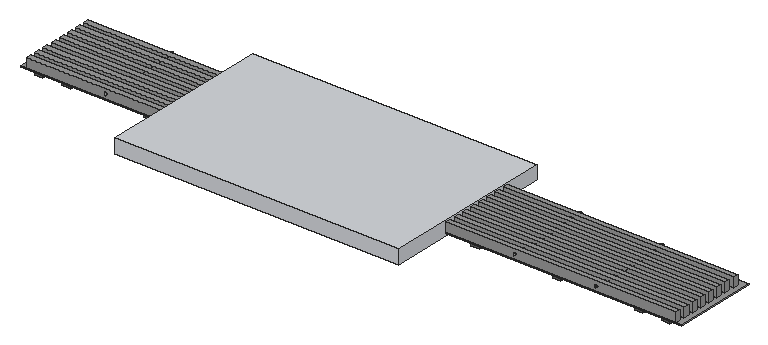
Revit family "1412-8, Solid", category Generic Models, host Face, Revit 2020
Family settings
  Host = Face
  Can host rebar = No
  Round Connector Dimension = Use Diameter
  Part Type = Normal
  Cut with Voids When Loaded = No
  Shared = No
  Room Calculation Point = No
Parameters
  min_value [instance] = 2' - 4"  # constant formula
  max_value [instance] = 11' - 11 1/4"  # constant formula
  actual_value [instance] = if(NET LENGTH < min_value, min_value, if(NET LENGTH > max_value, max_value, NET LENGTH))  # 7' - 11 1/4"
  SCRIM MATERIAL [instance] = SCRIM
  SCRIM APPEARANCE [instance] = yes
  NET LENGTH [instance] = 7' - 11 1/4"
  IMPORTANT NOTE!!!                                                                             *Backer & dowel layout is for visualization purposes only, final layout to be determined by 9Wood. [instance] = ""
  Default Elevation = 4' - 0"
  DOWEL RADIUS [instance] = 0' - 0 1/4"  # constant formula
  BACKER & DOWEL MATERIAL [instance] = BLACK-BACKERS
  .. MEMBER WIDTH [instance] = 0' - 0 3/4"  # constant formula
  .. MEMBER MATERIAL [instance] = Solid Western Hemlock
  .. MEMBER DEPTH [instance] = 0' - 1 3/8"  # constant formula
  .. MEMBER COUNT [instance] = 8  # constant formula
Reference planes (in)
  plane 1 "Center (Front/Back)": y = 0
  plane 2: z = 0
  plane 3 "Center (Left/Right)": x = 0
Forms (in)
  Extrusion 1, solid
    sketch origin (0, 0, 0) x (1, 0, 0) y (0, 1, 0)
      loop
        line (-24.24823, 14.63962) -> (-24.24823, -10.69266) -> (17.36192, -10.69266) -> (17.36192, 14.63962) -> (-24.24823, 14.63962)
    from 0 to 2.0625
Dimensions and locks (in)
  aligned and locked: plane 2 to Extrusion 1
Nested families (in)
  nested 1: "1400 series" at (-44.01308, -2.1224, 0.00189), NET LENGTH <- "actual_value", .. MEMBER DEPTH <- ".. MEMBER DEPTH", .. MEMBER WIDTH <- ".. MEMBER WIDTH", DOWEL RADIUS <- "DOWEL RADIUS", BACKER & DOWEL MATERIAL <- "BACKER & DOWEL MATERIAL", .. MEMBER MATERIAL <- ".. MEMBER MATERIAL", SCRIM MATERIAL <- "SCRIM MATERIAL", MEMBER COUNT <- ".. MEMBER COUNT", SCRIM APPEARANCE <- "SCRIM APPEARANCE", type "1400 series"
    with X 7' - 8", SCRIM MATERIAL SCRIM, SCRIM LENGTH 8' - 1", SCRIM APPEARANCE yes, SCRIM 2 0' - 0 7/8", SCRIM 1 0' - 0 3/32", OC TYP 1' - 0", NET LENGTH 7' - 11 1/4", N 8, MEMBER COUNT 8, INSET 2 0' - 0 3/16", INSET 0' - 1", HALF MEMBER WIDTH 0' - 0 3/8", END BACKER yes, DOWEL RADIUS 0' - 0 1/4", DOWEL INDEX 0' - 11 5/8", DOWEL COUNT 7, BACKING M COUNT 8, BACKER WIDTH 0' - 1 1/4", BACKER INDEX 0' - 5 5/8", BACKER DEPTH 0' - 0 1/2", BACKER & DOWEL MATERIAL BLACK-BACKERS, BACKER &  DOWEL LENGTH 0' - 11 7/8", .. MEMBER WIDTH 0' - 0 3/4", .. MEMBER OC TYP 0' - 1 1/2", .. MEMBER MATERIAL Solid Western Hemlock, .. MEMBER DEPTH 0' - 1 3/8"
Definition of nested family "1400 series"
  Parameters (values of type "1400 series")
    X [instance] = NET LENGTH - 0' 3 1/4"  # 7' - 2"
    SCRIM MATERIAL [instance] = none
    SCRIM APPEARANCE [instance] = yes
    SCRIM 2 [instance] = 0' - 0 7/8"  # constant formula
    SCRIM 1 [instance] = 0' - 0 3/32"  # constant formula
    OC TYP [instance] = 1' - 0"  # constant formula
    N [instance] = if((X - (rounddown(X / 1' 0") * 1' 0")) > 1' 0", rounddown(X / 1' 0") + 2, rounddown(X / 1' 0") + 1)  # 8
    MEMBER COUNT [instance] = 2
    INSET 5 = 0' - 0 11/16"  # constant formula
    INSET 2 [instance] = 0' - 0 3/16"  # constant formula
    INSET [instance] = 0' - 1"  # constant formula
    END BACKER [instance] = BACKER INDEX > 0' 3 5/8"  # no
    HALF MEMBER WIDTH [instance] = .. MEMBER WIDTH / 2  # 0' - 1 1/8"
    Default Elevation = 0' - 0"
    DOWEL RADIUS [instance] = 0' - 0 1/4"
    DOWEL INDEX [instance] = BACKER INDEX + 0' 6"  # 0' - 8 5/8"
    DOWEL COUNT [instance] = N - 1  # 7
    BACKER WIDTH [instance] = 0' - 1 1/4"  # constant formula
    BACKER INDEX [instance] = (NET LENGTH - ((N - 1) * 1' 0")) / 2  # 0' - 2 5/8"
    BACKER DEPTH [instance] = 0' - 0 1/2"  # constant formula
    BACKING M COUNT [instance] = N  # 8
    BACKER & DOWEL MATERIAL [instance] = none
    BACKER &  DOWEL LENGTH [instance] = 0' - 11 7/8"  # constant formula
    SCRIM LENGTH [instance] = NET LENGTH + (SCRIM 2 * 2)  # 7' - 7"
    .. MEMBER WIDTH [instance] = 0' - 2 1/4"
    .. MEMBER OC TYP [instance] = 1' 0" / MEMBER COUNT  # 0' - 6"
    .. MEMBER MATERIAL [instance] = none
    NET LENGTH [instance] = 7' - 5 1/4"
    .. MEMBER DEPTH [instance] = 0' - 4"
  Reference planes (in)
    plane 1 "Center (Front/Back)": y = 0
    plane 2: z = 0
    plane 3 "Center (Left/Right)": x = 0
    plane 4: x = 89.25
    plane 5: x = 1
    plane 6: x = 88.25
    plane 7: x = 2.625
    plane 8: x = 8.625
    plane 9: x = 14.625
    plane 10: x = 20.625
    plane 11: y = 0.1875
    plane 12: y = 1.125
    plane 13: y = 7.125
    plane 14: y = 12.0625
    plane 15: x = 90.125
    plane 16: x = -0.875
    plane 17: y = 12.15625
    plane 18: y = -0.09375
    plane 19: z = 2.7097
    plane 20: z = 0.49811
    plane 21: z = 0.56061
    plane 22: z = 1.24811
  Lines and regions (in)
    model lines, not visible
      curve 1: line (8.625, 0, 0.99811) -> (8.625, 0, 1.49811)
      curve 2: line (8.625, 0, 1.49811) -> (8.375, 0, 1.24811)
      curve 3: line (8.375, 0, 1.24811) -> (8.875, 0, 1.24811)
      curve 4: line (20.625, 0, 0.99811) -> (20.625, 0, 1.49811)
      curve 5: line (20.625, 0, 1.49811) -> (20.375, 0, 1.24811)
      curve 6: line (20.375, 0, 1.24811) -> (20.875, 0, 1.24811)
      curve 7: line (32.625, 0, 0.99811) -> (32.625, 0, 1.49811)
      curve 8: line (32.625, 0, 1.49811) -> (32.375, 0, 1.24811)
      curve 9: line (32.375, 0, 1.24811) -> (32.875, 0, 1.24811)
      curve 10: line (44.625, 0, 0.99811) -> (44.625, 0, 1.49811)
      curve 11: line (44.625, 0, 1.49811) -> (44.375, 0, 1.24811)
      curve 12: line (44.375, 0, 1.24811) -> (44.875, 0, 1.24811)
      curve 13: line (56.625, 0, 0.99811) -> (56.625, 0, 1.49811)
      curve 14: line (56.625, 0, 1.49811) -> (56.375, 0, 1.24811)
      curve 15: line (56.375, 0, 1.24811) -> (56.875, 0, 1.24811)
      curve 16: line (68.625, 0, 0.99811) -> (68.625, 0, 1.49811)
      curve 17: line (68.625, 0, 1.49811) -> (68.375, 0, 1.24811)
      curve 18: line (68.375, 0, 1.24811) -> (68.875, 0, 1.24811)
      curve 19: line (80.625, 0, 0.99811) -> (80.625, 0, 1.49811)
      curve 20: line (80.625, 0, 1.49811) -> (80.375, 0, 1.24811)
      curve 21: line (80.375, 0, 1.24811) -> (80.875, 0, 1.24811)
  Dimensions and locks (in)
    "INSET": plane 3 "Center (Left/Right)" to plane 5
    "NET LENGTH": plane 3 "Center (Left/Right)" to plane 4
    "INSET": plane 6 to plane 4
    "BACKER INDEX": plane 3 "Center (Left/Right)" to plane 7
    "DOWEL INDEX": plane 3 "Center (Left/Right)" to plane 8
    "OC TYP": plane 7 to plane 9
    "OC TYP": plane 8 to plane 10
    "INSET 2": plane 1 "Center (Front/Back)" to plane 11
    equal spacing: group 1, group 2, group 5, group 6, group 7, group 13, group 14, group 16  (x3)
    equal spacing: group 3, group 4, group 8, group 9, group 10, group 15, group 17  (x3)
    group 11 to group 12 = 0' - 0"  (x2)
    group 11 to group 12 = 0' - 6"
    ".. MEMBER OC TYP": plane 13 to plane 12
    "HALF MEMBER WIDTH": plane 1 "Center (Front/Back)" to plane 12
    "SCRIM 2": plane 16 to plane 3 "Center (Left/Right)"
    "SCRIM 2": plane 4 to plane 15
    "SCRIM 1": plane 18 to plane 1 "Center (Front/Back)"
    "SCRIM 1": plane 17 to plane 14
    "INSET 5": plane 22 to plane 21
    aligned and locked: level to plane 2
    aligned and locked: plane 7 to nested 2
    aligned and locked: plane 5 to nested 1
    aligned and locked: plane 9 to nested 3
    aligned and locked: nested 1 to plane 5
    aligned and locked: nested 2 to plane 11
    aligned and locked: nested 1 to plane 11
    aligned and locked: nested 3 to plane 11
    aligned and locked: nested 4 to plane 11  (x2)
    aligned and locked: plane 10 to nested 5
    aligned and locked: plane 6 to nested 12
    aligned and locked: nested 5 to plane 11
    aligned and locked: plane 11 to nested 12
    aligned and locked: plane 12 to nested 13
    aligned and locked: nested 14 to plane 13
    aligned and locked: plane 14 to nested 8
    aligned and locked: plane 16 to nested 15
    aligned and locked: nested 15 to plane 18
    aligned and locked: nested 15 to plane 17
    aligned and locked: nested 15 to plane 16  (x2)
    aligned and locked: nested 1 to level
    aligned and locked: level to nested 3
    aligned and locked: plane 20 to nested 2
    aligned and locked: plane 20 to nested 1
    aligned and locked: plane 20 to nested 3
    aligned and locked: nested 12 to plane 20
    aligned and locked: nested 15 to plane 20
    aligned and locked: plane 21 to nested 15
    aligned and locked: nested 13 to plane 21
    aligned and locked: plane 22 to nested 4
    aligned and locked: plane 22 to nested 5
    aligned and locked: nested 13 to plane 8
    aligned and locked: plane 10 to nested 13
    aligned and locked: curve 1 to nested 13
    aligned and locked: nested 13 to curve 4
  Automatic sketch dimensions
    curve 3 to curve 1 = 0' - 0 1/4"  (x2)
    curve 1 to curve 3 = 0' - 0 1/4"
    curve 1 to curve 2 = 0' - 0 1/4"
    curve 6 to curve 4 = 0' - 0 1/4"  (x2)
    curve 4 to curve 6 = 0' - 0 1/4"
    curve 4 to curve 5 = 0' - 0 1/4"
    curve 9 to curve 7 = 0' - 0 1/4"  (x2)
    curve 7 to curve 9 = 0' - 0 1/4"
    curve 7 to curve 8 = 0' - 0 1/4"
    curve 12 to curve 10 = 0' - 0 1/4"  (x2)
    curve 10 to curve 12 = 0' - 0 1/4"
    curve 10 to curve 11 = 0' - 0 1/4"
    curve 15 to curve 13 = 0' - 0 1/4"  (x2)
    curve 13 to curve 15 = 0' - 0 1/4"
    curve 13 to curve 14 = 0' - 0 1/4"
    curve 18 to curve 16 = 0' - 0 1/4"  (x2)
    curve 16 to curve 18 = 0' - 0 1/4"
    curve 16 to curve 17 = 0' - 0 1/4"
    curve 21 to curve 19 = 0' - 0 1/4"  (x2)
    curve 19 to curve 21 = 0' - 0 1/4"
    curve 19 to curve 20 = 0' - 0 1/4"
  Nested families (in)
    nested 1: "INSTANCE - 3RD -  EXTEND BOTH SIDES - Parametric Cube.0001" at (1, 0.1875, 0.49811), Length <- "BACKER &  DOWEL LENGTH", Width <- "BACKER WIDTH", Height <- "BACKER DEPTH", Material <- "BACKER & DOWEL MATERIAL", visible <- "END BACKER", type "INSTANCE - 3RD -  EXTEND BOTH SIDES - Parametric Cube.0001"
      with Width 0' - 1 1/4", Material none, Length 0' - 11 7/8", Height 0' - 0 1/2"
    nested 2: "INSTANCE - 2ND -  EXTEND SIDE H CENTER W - Parametric Cube.0001" at (2.625, 0.1875, 0.49811), Width <- "BACKER WIDTH", Length <- "BACKER &  DOWEL LENGTH", Height <- "BACKER DEPTH", Material <- "BACKER & DOWEL MATERIAL", type "INSTANCE - 2ND -  EXTEND SIDE H CENTER W - Parametric Cube.0001"
      with Width 0' - 1 1/4", Material none, Length 0' - 11 7/8", Height 0' - 0 1/2"
    nested 3: "INSTANCE - 2ND -  EXTEND SIDE H CENTER W - Parametric Cube.0001" at (14.625, 0.1875, 0.49811), Width <- "BACKER WIDTH", Length <- "BACKER &  DOWEL LENGTH", Height <- "BACKER DEPTH", Material <- "BACKER & DOWEL MATERIAL", type "INSTANCE - 2ND -  EXTEND SIDE H CENTER W - Parametric Cube.0001"
      with Width 0' - 1 1/4", Material none, Length 0' - 11 7/8", Height 0' - 0 1/2"
    nested 4: "DOWEL" at (-1.375, 0.1875, 1.24811), DOWEL LENGTH <- "BACKER &  DOWEL LENGTH", DOWEL RADII <- "DOWEL RADIUS", BACKING MEM MATERIAL <- "BACKER & DOWEL MATERIAL", type "DOWEL"
      with DOWEL RADII 0' - 0 1/4", DOWEL LENGTH 0' - 11 7/8", BACKING MEM MATERIAL none
    nested 5: "DOWEL" at (10.625, 0.1875, 1.24811), DOWEL LENGTH <- "BACKER &  DOWEL LENGTH", DOWEL RADII <- "DOWEL RADIUS", BACKING MEM MATERIAL <- "BACKER & DOWEL MATERIAL", type "DOWEL"
      with DOWEL RADII 0' - 0 1/4", DOWEL LENGTH 0' - 11 7/8", BACKING MEM MATERIAL none
    nested 6: "INSTANCE - 2ND -  EXTEND SIDE H CENTER W - Parametric Cube.0001" at (26.625, 0.1875, 0.49811), Width <- "BACKER WIDTH", Length <- "BACKER &  DOWEL LENGTH", Height <- "BACKER DEPTH", Material <- "BACKER & DOWEL MATERIAL", type "INSTANCE - 2ND -  EXTEND SIDE H CENTER W - Parametric Cube.0001"
      with Width 0' - 1 1/4", Material none, Length 0' - 11 7/8", Height 0' - 0 1/2"
    nested 7: "INSTANCE - 2ND -  EXTEND SIDE H CENTER W - Parametric Cube.0001" at (38.625, 0.1875, 0.49811), Width <- "BACKER WIDTH", Length <- "BACKER &  DOWEL LENGTH", Height <- "BACKER DEPTH", Material <- "BACKER & DOWEL MATERIAL", type "INSTANCE - 2ND -  EXTEND SIDE H CENTER W - Parametric Cube.0001"
      with Width 0' - 1 1/4", Material none, Length 0' - 11 7/8", Height 0' - 0 1/2"
    nested 8: "INSTANCE - 2ND -  EXTEND SIDE H CENTER W - Parametric Cube.0001" at (50.625, 0.1875, 0.49811), Width <- "BACKER WIDTH", Length <- "BACKER &  DOWEL LENGTH", Height <- "BACKER DEPTH", Material <- "BACKER & DOWEL MATERIAL", type "INSTANCE - 2ND -  EXTEND SIDE H CENTER W - Parametric Cube.0001"
      with Width 0' - 1 1/4", Material none, Length 0' - 11 7/8", Height 0' - 0 1/2"
    nested 9: "DOWEL" at (22.625, 0.1875, 1.24811), DOWEL LENGTH <- "BACKER &  DOWEL LENGTH", DOWEL RADII <- "DOWEL RADIUS", BACKING MEM MATERIAL <- "BACKER & DOWEL MATERIAL", type "DOWEL"
      with DOWEL RADII 0' - 0 1/4", DOWEL LENGTH 0' - 11 7/8", BACKING MEM MATERIAL none
    nested 10: "DOWEL" at (34.625, 0.1875, 1.24811), DOWEL LENGTH <- "BACKER &  DOWEL LENGTH", DOWEL RADII <- "DOWEL RADIUS", BACKING MEM MATERIAL <- "BACKER & DOWEL MATERIAL", type "DOWEL"
      with DOWEL RADII 0' - 0 1/4", DOWEL LENGTH 0' - 11 7/8", BACKING MEM MATERIAL none
    nested 11: "DOWEL" at (46.625, 0.1875, 1.24811), DOWEL LENGTH <- "BACKER &  DOWEL LENGTH", DOWEL RADII <- "DOWEL RADIUS", BACKING MEM MATERIAL <- "BACKER & DOWEL MATERIAL", type "DOWEL"
      with DOWEL RADII 0' - 0 1/4", DOWEL LENGTH 0' - 11 7/8", BACKING MEM MATERIAL none
    nested 12: "INSTANCE - 3RD -  EXTEND BOTH SIDES - Parametric Cube.0001" at (88.25, 0.1875, 0.49811) x (-1, 0, 0) z (0, 0, 1), Width <- "BACKER WIDTH", Length <- "BACKER &  DOWEL LENGTH", Height <- "BACKER DEPTH", Material <- "BACKER & DOWEL MATERIAL", visible <- "END BACKER", type "INSTANCE - 3RD -  EXTEND BOTH SIDES - Parametric Cube.0001"
      with Width 0' - 1 1/4", Material none, Length 0' - 11 7/8", Height 0' - 0 1/2"
    nested 13: "HOLED MEMBER" at (0, -9.75, 8.12965), DOWEL INDEX <- "DOWEL INDEX", .. MEMBER LENGTH <- "NET LENGTH", .. MEMBER WIDTH <- ".. MEMBER WIDTH", DOWEL OC DIST <- "OC TYP", DOWEL RADII <- "DOWEL RADIUS", Material <- ".. MEMBER MATERIAL", DEPTH <- ".. MEMBER DEPTH", DOWEL COUNT <- "DOWEL COUNT", Space <- "INSET 5", type "HOLED MEMBER"
      with Space 0' - 0 11/16", Material none, Height 0' - 10.43096", HALF MEMBER WIDTH 0' - 1 1/8", DOWEL RADII 0' - 0 1/4", DOWEL OC DIST 1' - 0", DOWEL INDEX 0' - 8 5/8", DOWEL COUNT 7, DEPTH 0' - 4", .. MEMBER WIDTH 0' - 2 1/4", .. MEMBER LENGTH 7' - 5 1/4"
    nested 14: "HOLED MEMBER" at (0, -3.75, 8.12965), DOWEL INDEX <- "DOWEL INDEX", .. MEMBER LENGTH <- "NET LENGTH", .. MEMBER WIDTH <- ".. MEMBER WIDTH", DOWEL OC DIST <- "OC TYP", DOWEL RADII <- "DOWEL RADIUS", Material <- ".. MEMBER MATERIAL", DEPTH <- ".. MEMBER DEPTH", DOWEL COUNT <- "DOWEL COUNT", Space <- "INSET 5", type "HOLED MEMBER"
      with Space 0' - 0 11/16", Material none, Height 0' - 10.43096", HALF MEMBER WIDTH 0' - 1 1/8", DOWEL RADII 0' - 0 1/4", DOWEL OC DIST 1' - 0", DOWEL INDEX 0' - 8 5/8", DOWEL COUNT 7, DEPTH 0' - 4", .. MEMBER WIDTH 0' - 2 1/4", .. MEMBER LENGTH 7' - 5 1/4"
    nested 15: "INSTANCE - 3RD -  EXTEND BOTH SIDES - Parametric Cube.0001" at (-0.875, -0.09375, 0.56061), Width <- "SCRIM LENGTH", Material <- "SCRIM MATERIAL", visible <- "SCRIM APPEARANCE", type "INSTANCE - 3RD -  EXTEND BOTH SIDES - Parametric Cube.0001"
      with Width 7' - 7", Material none, Length 1' - 0 1/4", Height 0' - 0 1/16"
    nested 16: "INSTANCE - 2ND -  EXTEND SIDE H CENTER W - Parametric Cube.0001" at (62.625, 0.1875, 0.49811), Width <- "BACKER WIDTH", Length <- "BACKER &  DOWEL LENGTH", Height <- "BACKER DEPTH", Material <- "BACKER & DOWEL MATERIAL", type "INSTANCE - 2ND -  EXTEND SIDE H CENTER W - Parametric Cube.0001"
      with Width 0' - 1 1/4", Material none, Length 0' - 11 7/8", Height 0' - 0 1/2"
    nested 17: "INSTANCE - 2ND -  EXTEND SIDE H CENTER W - Parametric Cube.0001" at (74.625, 0.1875, 0.49811), Width <- "BACKER WIDTH", Length <- "BACKER &  DOWEL LENGTH", Height <- "BACKER DEPTH", Material <- "BACKER & DOWEL MATERIAL", type "INSTANCE - 2ND -  EXTEND SIDE H CENTER W - Parametric Cube.0001"
      with Width 0' - 1 1/4", Material none, Length 0' - 11 7/8", Height 0' - 0 1/2"
    nested 18: "DOWEL" at (58.625, 0.1875, 1.24811), DOWEL LENGTH <- "BACKER &  DOWEL LENGTH", DOWEL RADII <- "DOWEL RADIUS", BACKING MEM MATERIAL <- "BACKER & DOWEL MATERIAL", type "DOWEL"
      with DOWEL RADII 0' - 0 1/4", DOWEL LENGTH 0' - 11 7/8", BACKING MEM MATERIAL none
    nested 19: "INSTANCE - 2ND -  EXTEND SIDE H CENTER W - Parametric Cube.0001" at (86.625, 0.1875, 0.49811), Width <- "BACKER WIDTH", Length <- "BACKER &  DOWEL LENGTH", Height <- "BACKER DEPTH", Material <- "BACKER & DOWEL MATERIAL", type "INSTANCE - 2ND -  EXTEND SIDE H CENTER W - Parametric Cube.0001"
      with Width 0' - 1 1/4", Material none, Length 0' - 11 7/8", Height 0' - 0 1/2"
    nested 20: "DOWEL" at (70.625, 0.1875, 1.24811), DOWEL LENGTH <- "BACKER &  DOWEL LENGTH", DOWEL RADII <- "DOWEL RADIUS", BACKING MEM MATERIAL <- "BACKER & DOWEL MATERIAL", type "DOWEL"
      with DOWEL RADII 0' - 0 1/4", DOWEL LENGTH 0' - 11 7/8", BACKING MEM MATERIAL none
  Definition of nested family "INSTANCE - 3RD -  EXTEND BOTH SIDES - Parametric Cube.0001"
    Parameters (values of type "INSTANCE - 3RD -  EXTEND BOTH SIDES - Parametric Cube.0001")
      Width [instance] = 0' - 6"
      Material [instance] = none
      Length [instance] = 1' - 0"
      Height [instance] = 1' - 6"
      Default Elevation = 0' - 0"
    Reference planes (in)
      plane 1 "Center (Front/Back)": y = 0
      plane 2: z = 0
      plane 3 "Center (Left/Right)": x = 0
      plane 4: x = 6
      plane 5: y = 12
      plane 6: z = -18
    Forms (in)
      Extrusion 1, solid, material <- "Material"
        sketch origin (0, 6, 0) x (1, 0, 0) y (0, 1, 0)
          loop
            line (0, 6) -> (0, -6) -> (6, -6) -> (6, 6) -> (0, 6)
        from -18 to 0
    Dimensions and locks (in)
      "Height": plane 6 to level
      "Length": plane 1 "Center (Front/Back)" to plane 5
      "Width": plane 3 "Center (Left/Right)" to plane 4
      aligned and locked: plane 2 to level
      aligned and locked: Extrusion 1 sketch curve to plane 4
      aligned and locked: Extrusion 1 to plane 6
      aligned and locked: plane 5 to Extrusion 1
      aligned and locked: Extrusion 1 to plane 3 "Center (Left/Right)"
    Automatic sketch dimensions
      plane 1 "Center (Front/Back)" to Extrusion 1 sketch curve = 0' - 0"
      plane 5 to Extrusion 1 sketch curve = 0' - 0"
      Extrusion 1 sketch curve to plane 3 "Center (Left/Right)" = 0' - 0"
  Definition of nested family "INSTANCE - 2ND -  EXTEND SIDE H CENTER W - Parametric Cube.0001"
    Parameters (values of type "INSTANCE - 2ND -  EXTEND SIDE H CENTER W - Parametric Cube.0001")
      Width [instance] = 0' - 6"
      Material [instance] = none
      Length [instance] = 1' - 0"
      Height [instance] = 1' - 6"
      Default Elevation = 0' - 0"
    Reference planes (in)
      plane 1 "Center (Front/Back)": y = 0
      plane 2: z = 0
      plane 3 "Center (Left/Right)": x = 0
      plane 4: x = -3
      plane 5: x = 3
      plane 6: y = 12
      plane 7: z = -18
    Forms (in)
      Extrusion 1, solid, material <- "Material"
        sketch origin (0, 6, 0) x (1, 0, 0) y (0, 1, 0)
          loop
            line (-3, 6) -> (-3, -6) -> (3, -6) -> (3, 6) -> (-3, 6)
        from -18 to 0
    Dimensions and locks (in)
      equal spacing: plane 4, plane 3 "Center (Left/Right)", plane 5
      "Width": plane 4 to plane 5
      "Height": plane 7 to level
      "Length": plane 1 "Center (Front/Back)" to plane 6
      aligned and locked: plane 2 to level
      aligned and locked: plane 4 to Extrusion 1 sketch curve
      aligned and locked: Extrusion 1 sketch curve to plane 5
      aligned and locked: Extrusion 1 to plane 7
      aligned and locked: plane 6 to Extrusion 1
    Automatic sketch dimensions
      plane 1 "Center (Front/Back)" to Extrusion 1 sketch curve = 0' - 0"
      plane 6 to Extrusion 1 sketch curve = 0' - 0"
  Definition of nested family "DOWEL"
    Parameters (values of type "DOWEL")
      Default Elevation = 0' - 0"
      DOWEL RADII [instance] = 0' - 0 5/8"
      DOWEL LENGTH [instance] = 1' - 0"
      BACKING MEM MATERIAL [instance] = none
    Reference planes (in)
      plane 1 "Center (Front/Back)": y = 0
      plane 2: z = 0
      plane 3 "Center (Left/Right)": x = 0
      plane 4: y = 12
    Forms (in)
      Extrusion 1, solid, material <- "BACKING MEM MATERIAL"
        sketch origin (10, 0, 0) x (1, 0, 0) y (0, 0, 1)
          loop
            circle (0, 0) r 0.625
        from 0 to -12
      Extrusion 2, solid, not visible
        sketch origin (0, 0, 0) x (1, 0, 0) y (0, 0, 1)
          loop
            circle (0, 0) r 0.625
        from 0 to 12
      Extrusion 3, solid, not visible
        sketch origin (10, 0, 0) x (1, 0, 0) y (0, 0, 1)
          loop
            circle (0, 0) r 0.625
        from 0 to 2.5
      Extrusion 4, solid, not visible
        sketch origin (10, 0, 0) x (1, 0, 0) y (0, 0, 1)
          loop
            circle (0, 0) r 0.625
        from 0 to -12
    Lines and regions (in)
      model lines, not visible
        curve 1: line (-13, 0, 0) -> (-13, -12, 0)
        curve 2: line (13, 0, 0) -> (13, -12, 0)
        curve 3: line (9.89453, 0, 0) -> (10.08794, 0, 0)
        curve 4: line (9.89453, -2.5, 0) -> (10.08794, -2.5, 0)
        curve 6: line (10, 0, 0) -> (10, 2, 0)
      model lines
        curve 5: line (10, 0, 0) -> (10, 2, 0)
    Dimensions and locks (in)
      "DOWEL LENGTH": plane 1 "Center (Front/Back)" to plane 4
      "DOWEL RADII": radius of Extrusion 1 sketch curve
      "DOWEL RADII": radius of Extrusion 2 sketch curve
      "DOWEL RADII": radius of Extrusion 3 sketch curve
      "DOWEL RADII": radius of Extrusion 4 sketch curve
      "DOWEL RADII": radius of Extrusion 1
      aligned and locked: plane 2 to level
      aligned and locked: Extrusion 1 to plane 1 "Center (Front/Back)"  (x3)
      aligned and locked: plane 1 "Center (Front/Back)" to Extrusion 1
      aligned and locked: plane 4 to Extrusion 1
    Automatic sketch dimensions
      plane 1 "Center (Front/Back)" to curve 5 = 0' - 0"
      curve 5 to plane 1 "Center (Front/Back)" = 0' - 2"
      plane 3 "Center (Left/Right)" to curve 5 = 0' - 10"
      Extrusion 1 sketch curve to level = 0' - 0"
      plane 3 "Center (Left/Right)" to Extrusion 1 sketch curve = 0' - 10"
  Definition of nested family "HOLED MEMBER"
    Parameters (values of type "HOLED MEMBER")
      Space [instance] = 0' - 0 5/8"
      Material [instance] = none
      Height [instance] = 0' - 10.43096"
      HALF MEMBER WIDTH [instance] = .. MEMBER WIDTH / 2  # 0' - 0 5/16"
      Default Elevation = 0' - 0"
      DOWEL RADII [instance] = 0' - 0.34537"
      DOWEL OC DIST [instance] = 1' - 0"
      DOWEL INSET = 0' - 0 5/8"
      DOWEL INDEX [instance] = 0' - 5 5/8"
      DOWEL COUNT [instance] = 6
      DEPTH [instance] = 0' - 2"
      .. MEMBER WIDTH [instance] = 0' - 0 5/8"
      .. MEMBER LENGTH [instance] = 5' - 11 3/4"
    Reference planes (in)
      plane 1 "Center (Front/Back)": y = 12
      plane 2: z = -7.56904
      plane 3 "Center (Left/Right)": x = 0
      plane 4: x = 5.625
      plane 5: x = 17.625
      plane 6: y = 11.375
      plane 7: x = 71.75
      plane 8: y = 11.6875
      plane 9: z = -6.94404
      plane 10: z = -5.56904
    Forms (in)
      Extrusion 1, solid, material <- "Material"
        sketch origin (0, 12, -13.56904) x (1, 0, 0) y (0, 0, 1)
          loop
            line (0, 6) -> (71.75, 6) -> (71.75, 8) -> (0, 8) -> (0, 6)
        from 0.625 to 0
      Extrusion 2, void
        sketch origin (0, 12, -18.31904) x (1, 0, 0) y (0, 0, 1)
          loop
            circle (5.625, 11.375) r 0.34537
        from 0 to 12
      Extrusion 3, void, not visible
        sketch origin (0, 0, 0) x (1, 0, 0) y (0, 1, 0)
          loop
            circle (5.625, 11.375) r 0.34537
        from 0 to 12
      Extrusion 4, void, not visible
        sketch origin (0, 0, 0) x (1, 0, 0) y (0, 1, 0)
          loop
            circle (5.625, 11.375) r 0.34537
        from 0 to 12
      Extrusion 5, void, not visible
        sketch origin (12, 0, 0) x (1, 0, 0) y (0, 1, 0)
          loop
            circle (5.625, 11.375) r 0.34537
        from 0 to 12
      Extrusion 6, void, not visible
        sketch origin (0, 12, -17.56904) x (1, 0, 0) y (0, 0, 1)
          loop
            circle (5.625, 11.375) r 0.34537
        from 0 to 12
      Extrusion 7, void, not visible
        sketch origin (12, 12, -17.56904) x (1, 0, 0) y (0, 0, 1)
          loop
            circle (5.625, 11.375) r 0.34537
        from 0 to 12
      Extrusion 8, void, not visible
        sketch origin (0, 12, -19.56904) x (1, 0, 0) y (0, 0, 1)
          loop
            circle (5.625, 11.375) r 0.34537
        from 0 to 12
      Extrusion 9, void
        sketch origin (12, 12, -18.31904) x (1, 0, 0) y (0, 0, 1)
          loop
            circle (5.625, 11.375) r 0.34537
        from 0 to 12
      Extrusion 10, void
        sketch origin (24, 12, -18.31904) x (1, 0, 0) y (0, 0, 1)
          loop
            circle (5.625, 11.375) r 0.34537
        from 0 to 12
      Extrusion 11, void
        sketch origin (36, 12, -18.31904) x (1, 0, 0) y (0, 0, 1)
          loop
            circle (5.625, 11.375) r 0.34537
        from 0 to 12
      Extrusion 12, void
        sketch origin (48, 12, -18.31904) x (1, 0, 0) y (0, 0, 1)
          loop
            circle (5.625, 11.375) r 0.34537
        from 0 to 12
      Extrusion 13, void
        sketch origin (60, 12, -18.31904) x (1, 0, 0) y (0, 0, 1)
          loop
            circle (5.625, 11.375) r 0.34537
        from 0 to 12
      Extrusion 14, void, not visible
        sketch origin (24, 12, -17.56904) x (1, 0, 0) y (0, 0, 1)
          loop
            circle (5.625, 11.375) r 0.34537
        from 0 to 12
      Extrusion 15, void, not visible
        sketch origin (36, 12, -17.56904) x (1, 0, 0) y (0, 0, 1)
          loop
            circle (5.625, 11.375) r 0.34537
        from 0 to 12
      Extrusion 16, void, not visible
        sketch origin (48, 12, -17.56904) x (1, 0, 0) y (0, 0, 1)
          loop
            circle (5.625, 11.375) r 0.34537
        from 0 to 12
      Extrusion 17, void, not visible
        sketch origin (60, 12, -17.56904) x (1, 0, 0) y (0, 0, 1)
          loop
            circle (5.625, 11.375) r 0.34537
        from 0 to 12
      Extrusion 18, void, not visible
        sketch origin (24, 0, 0) x (1, 0, 0) y (0, 1, 0)
          loop
            circle (5.625, 11.375) r 0.34537
        from 0 to 12
      Extrusion 19, void, not visible
        sketch origin (36, 0, 0) x (1, 0, 0) y (0, 1, 0)
          loop
            circle (5.625, 11.375) r 0.34537
        from 0 to 12
      Extrusion 20, void, not visible
        sketch origin (48, 0, 0) x (1, 0, 0) y (0, 1, 0)
          loop
            circle (5.625, 11.375) r 0.34537
        from 0 to 12
      Extrusion 21, void, not visible
        sketch origin (60, 0, 0) x (1, 0, 0) y (0, 1, 0)
          loop
            circle (5.625, 11.375) r 0.34537
        from 0 to 12
    Cuts and joins
      Extrusion 2, Extrusion 9, Extrusion 10, Extrusion 11, Extrusion 12, Extrusion 13 cuts Extrusion 1
    Lines and regions (in)
      model lines, not visible
        curve 1: line (5.625, 11.72037, 0) -> (5.625, 11.02963, 0)
        curve 2: line (5.625, 11.72037, 0) -> (5.625, 11.02963, 0)
        curve 3: line (17.625, 11.72037, 0) -> (17.625, 11.02963, 0)
        curve 4: line (5.625, 12, -7.56904) -> (5.625, 11.87317, -7.56904)
        curve 5: line (5.625, 11.87317, -7.56904) -> (5.06195, 11.87317, -7.56904)
        curve 6: line (5.06195, 11.87317, -7.56904) -> (5.27963, 11.375, -7.56904)
        curve 7: line (0, 12, -6.19404) -> (0, 11.61951, -6.19404)
        curve 9: line (0, 11.375, -8.19404) -> (0, 11.6747, -8.19404)
        curve 10: line (5.625, 12, -7.56904) -> (5.625, 11.69863, -7.56904)
        curve 11: line (5.625, 12, -7.56904) -> (5.625, 11.69863, -7.56904)
        curve 12: line (5.625, 10.75, 0) -> (5.625, 10.75, 0.30137)
        curve 13: line (5.625, 10.75, 0) -> (5.625, 10.75, 0.30137)
        curve 14: line (17.625, 10.75, 0) -> (17.625, 10.75, 0.30137)
        curve 15: line (5.625, 12, -6.81904) -> (5.625, 11.69863, -6.81904)
        curve 16: line (17.625, 12, -6.81904) -> (17.625, 11.69863, -6.81904)
        curve 17: line (5.625, 12, -8.81904) -> (5.625, 11.69863, -8.81904)
        curve 18: line (17.625, 12, -7.56904) -> (17.625, 11.69863, -7.56904)
        curve 19: line (29.625, 12, -7.56904) -> (29.625, 11.69863, -7.56904)
        curve 20: line (41.625, 12, -7.56904) -> (41.625, 11.69863, -7.56904)
        curve 21: line (53.625, 12, -7.56904) -> (53.625, 11.69863, -7.56904)
        curve 22: line (65.625, 12, -7.56904) -> (65.625, 11.69863, -7.56904)
        curve 23: line (29.625, 12, -6.81904) -> (29.625, 11.69863, -6.81904)
        curve 24: line (41.625, 12, -6.81904) -> (41.625, 11.69863, -6.81904)
        curve 25: line (53.625, 12, -6.81904) -> (53.625, 11.69863, -6.81904)
        curve 26: line (65.625, 12, -6.81904) -> (65.625, 11.69863, -6.81904)
        curve 27: line (29.625, 11.72037, 0) -> (29.625, 11.02963, 0)
        curve 28: line (29.625, 10.75, 0) -> (29.625, 10.75, 0.30137)
        curve 29: line (41.625, 11.72037, 0) -> (41.625, 11.02963, 0)
        curve 30: line (41.625, 10.75, 0) -> (41.625, 10.75, 0.30137)
        curve 31: line (53.625, 11.72037, 0) -> (53.625, 11.02963, 0)
        curve 32: line (53.625, 10.75, 0) -> (53.625, 10.75, 0.30137)
        curve 33: line (65.625, 11.72037, 0) -> (65.625, 11.02963, 0)
        curve 34: line (65.625, 10.75, 0) -> (65.625, 10.75, 0.30137)
        curve 35: line (5.27963, 12, -6.94404) -> (5.97037, 12, -6.94404)
        curve 36: line (5.97037, 12, -6.94404) -> (5.625, 12, -6.59867)
        curve 37: line (5.625, 12, -6.59867) -> (5.625, 12, -7.28941)
        curve 38: line (5.27963, 11.375, 0) -> (5.97037, 11.375, 0)
        curve 39: line (5.97037, 11.375, 0) -> (5.625, 11.72037, 0)
        curve 40: line (5.625, 11.72037, 0) -> (5.625, 11.02963, 0)
        curve 41: line (5.27963, 11.375, 0) -> (5.97037, 11.375, 0)
        curve 42: line (5.97037, 11.375, 0) -> (5.625, 11.72037, 0)
        curve 43: line (5.625, 11.72037, 0) -> (5.625, 11.02963, 0)
        curve 44: line (17.27963, 11.375, 0) -> (17.97037, 11.375, 0)
        curve 45: line (17.97037, 11.375, 0) -> (17.625, 11.72037, 0)
        curve 46: line (17.625, 11.72037, 0) -> (17.625, 11.02963, 0)
        curve 47: line (5.27963, 12, -6.19404) -> (5.97037, 12, -6.19404)
        curve 48: line (5.97037, 12, -6.19404) -> (5.625, 12, -5.84867)
        curve 49: line (5.625, 12, -5.84867) -> (5.625, 12, -6.53941)
        curve 50: line (17.27963, 12, -6.19404) -> (17.97037, 12, -6.19404)
        curve 51: line (17.97037, 12, -6.19404) -> (17.625, 12, -5.84867)
        curve 52: line (17.625, 12, -5.84867) -> (17.625, 12, -6.53941)
        curve 53: line (5.27963, 12, -8.19404) -> (5.97037, 12, -8.19404)
        curve 54: line (5.97037, 12, -8.19404) -> (5.625, 12, -7.84867)
        curve 55: line (5.625, 12, -7.84867) -> (5.625, 12, -8.53941)
        curve 56: line (17.27963, 12, -6.94404) -> (17.97037, 12, -6.94404)
        curve 57: line (17.97037, 12, -6.94404) -> (17.625, 12, -6.59867)
        curve 58: line (17.625, 12, -6.59867) -> (17.625, 12, -7.28941)
        curve 59: line (29.27963, 12, -6.94404) -> (29.97037, 12, -6.94404)
        curve 60: line (29.97037, 12, -6.94404) -> (29.625, 12, -6.59867)
        curve 61: line (29.625, 12, -6.59867) -> (29.625, 12, -7.28941)
        curve 62: line (41.27963, 12, -6.94404) -> (41.97037, 12, -6.94404)
        curve 63: line (41.97037, 12, -6.94404) -> (41.625, 12, -6.59867)
        curve 64: line (41.625, 12, -6.59867) -> (41.625, 12, -7.28941)
        curve 65: line (53.27963, 12, -6.94404) -> (53.97037, 12, -6.94404)
        curve 66: line (53.97037, 12, -6.94404) -> (53.625, 12, -6.59867)
        curve 67: line (53.625, 12, -6.59867) -> (53.625, 12, -7.28941)
        curve 68: line (65.27963, 12, -6.94404) -> (65.97037, 12, -6.94404)
        curve 69: line (65.97037, 12, -6.94404) -> (65.625, 12, -6.59867)
        curve 70: line (65.625, 12, -6.59867) -> (65.625, 12, -7.28941)
        curve 71: line (29.27963, 12, -6.19404) -> (29.97037, 12, -6.19404)
        curve 72: line (29.97037, 12, -6.19404) -> (29.625, 12, -5.84867)
        curve 73: line (29.625, 12, -5.84867) -> (29.625, 12, -6.53941)
        curve 74: line (41.27963, 12, -6.19404) -> (41.97037, 12, -6.19404)
        curve 75: line (41.97037, 12, -6.19404) -> (41.625, 12, -5.84867)
        curve 76: line (41.625, 12, -5.84867) -> (41.625, 12, -6.53941)
        curve 77: line (53.27963, 12, -6.19404) -> (53.97037, 12, -6.19404)
        curve 78: line (53.97037, 12, -6.19404) -> (53.625, 12, -5.84867)
        curve 79: line (53.625, 12, -5.84867) -> (53.625, 12, -6.53941)
        curve 80: line (65.27963, 12, -6.19404) -> (65.97037, 12, -6.19404)
        curve 81: line (65.97037, 12, -6.19404) -> (65.625, 12, -5.84867)
        curve 82: line (65.625, 12, -5.84867) -> (65.625, 12, -6.53941)
        curve 83: line (29.27963, 11.375, 0) -> (29.97037, 11.375, 0)
        curve 84: line (29.97037, 11.375, 0) -> (29.625, 11.72037, 0)
        curve 85: line (29.625, 11.72037, 0) -> (29.625, 11.02963, 0)
        curve 86: line (41.27963, 11.375, 0) -> (41.97037, 11.375, 0)
        curve 87: line (41.97037, 11.375, 0) -> (41.625, 11.72037, 0)
        curve 88: line (41.625, 11.72037, 0) -> (41.625, 11.02963, 0)
        curve 89: line (53.27963, 11.375, 0) -> (53.97037, 11.375, 0)
        curve 90: line (53.97037, 11.375, 0) -> (53.625, 11.72037, 0)
        curve 91: line (53.625, 11.72037, 0) -> (53.625, 11.02963, 0)
        curve 92: line (65.27963, 11.375, 0) -> (65.97037, 11.375, 0)
        curve 93: line (65.97037, 11.375, 0) -> (65.625, 11.72037, 0)
        curve 94: line (65.625, 11.72037, 0) -> (65.625, 11.02963, 0)
      model lines
        curve 8: line (5.625, 12, -7.56904) -> (5.625, 11.69863, -7.56904)
    Dimensions and locks (in)
      "DOWEL INDEX": plane 3 "Center (Left/Right)" to plane 4
      "DOWEL OC DIST": plane 4 to plane 5
      ".. MEMBER LENGTH": plane 3 "Center (Left/Right)" to plane 7
      equal spacing: group 3, group 4, group 21, group 22, group 23, group 24  (x3)
      equal spacing: group 7, group 8, group 17, group 18, group 19, group 20  (x3)
      ".. MEMBER WIDTH": plane 6 to plane 1 "Center (Front/Back)"
      "HALF MEMBER WIDTH": plane 8 to plane 1 "Center (Front/Back)"
      equal spacing: group 1, group 12, group 13, group 14, group 15, group 16  (x2)
      equal spacing: group 16, group 15, group 14, group 13, group 12, group 1
      "DEPTH": plane 10 to level
      "Space": plane 9 to level
      "DOWEL RADII": radius of Extrusion 2 sketch curve
      "DOWEL RADII": radius of Extrusion 3 sketch curve
      "DOWEL RADII": radius of Extrusion 4 sketch curve
      "DOWEL RADII": radius of Extrusion 5 sketch curve
      "DOWEL RADII": radius of Extrusion 6 sketch curve
      "DOWEL RADII": radius of Extrusion 7 sketch curve
      "DOWEL RADII": radius of Extrusion 8 sketch curve
      "DOWEL RADII": radius of Extrusion 9 sketch curve
      "DOWEL RADII": radius of Extrusion 10 sketch curve
      "DOWEL RADII": radius of Extrusion 11 sketch curve
      "DOWEL RADII": radius of Extrusion 12 sketch curve
      "DOWEL RADII": radius of Extrusion 13 sketch curve
      "DOWEL RADII": radius of Extrusion 14 sketch curve
      "DOWEL RADII": radius of Extrusion 15 sketch curve
      "DOWEL RADII": radius of Extrusion 16 sketch curve
      "DOWEL RADII": radius of Extrusion 17 sketch curve
      "DOWEL RADII": radius of Extrusion 18 sketch curve
      "DOWEL RADII": radius of Extrusion 19 sketch curve
      "DOWEL RADII": radius of Extrusion 20 sketch curve
      "DOWEL RADII": radius of Extrusion 21 sketch curve
      aligned and locked: level to plane 2
      aligned and locked: Extrusion 1 to plane 3 "Center (Left/Right)"  (x2)
      aligned and locked: plane 7 to cut or joined group of Extrusion 1, Extrusion 2, Extrusion 9, Extrusion 10, Extrusion 11, Extrusion 12, Extrusion 13  (x2)
      aligned and locked: cut or joined group of Extrusion 1, Extrusion 2, Extrusion 9, Extrusion 10, Extrusion 11, Extrusion 12, Extrusion 13 to plane 1 "Center (Front/Back)"  (x2)
      aligned and locked: cut or joined group of Extrusion 1, Extrusion 2, Extrusion 9, Extrusion 10, Extrusion 11, Extrusion 12, Extrusion 13 to plane 6  (x2)
      aligned and locked: plane 4 to curve 11
      aligned and locked: curve 18 to plane 5
      aligned and locked: plane 4 to group 1
      aligned and locked: group 12 to plane 5
      aligned and locked: curve 35 to plane 9
      aligned and locked: plane 4 to curve 37
      aligned and locked: curve 56 to plane 9
      aligned and locked: curve 58 to plane 5
      aligned and locked: plane 10 to cut or joined group of Extrusion 1, Extrusion 2, Extrusion 9, Extrusion 10, Extrusion 11, Extrusion 12, Extrusion 13  (x2)
      aligned and locked: cut or joined group of Extrusion 1, Extrusion 2, Extrusion 9, Extrusion 10, Extrusion 11, Extrusion 12, Extrusion 13 to level
      aligned and locked: level to cut or joined group of Extrusion 1, Extrusion 2, Extrusion 9, Extrusion 10, Extrusion 11, Extrusion 12, Extrusion 13
    Automatic sketch dimensions
      curve 1 to curve 1 = 0' - 0.69074"
      curve 2 to curve 2 = 0' - 0.69074"
      curve 3 to curve 3 = 0' - 0.69074"
      Extrusion 1 sketch curve to plane 3 "Center (Left/Right)" = 0' - 0"
      Extrusion 1 sketch curve to plane 7 = 0' - 0"
      Extrusion 1 sketch curve to Extrusion 1 sketch curve = 0' - 2"
      Extrusion 1 sketch curve to level = 0' - 0"
      curve 8 to curve 8 = 0' - 0.30137"
      curve 10 to curve 10 = 0' - 0.30137"
      curve 8 to plane 4 = 0' - 0"
      plane 1 "Center (Front/Back)" to curve 8 = 0' - 0"
      plane 1 "Center (Front/Back)" to curve 8 = 0' - 0.30137"
      curve 11 to curve 11 = 0' - 0.30137"
      curve 12 to curve 12 = 0' - 0.30137"
      curve 13 to curve 13 = 0' - 0.30137"
      curve 14 to curve 14 = 0' - 0.30137"
      curve 15 to curve 15 = 0' - 0.30137"
      curve 16 to curve 16 = 0' - 0.30137"
      curve 17 to curve 17 = 0' - 0.30137"
      curve 18 to curve 18 = 0' - 0.30137"
      curve 19 to curve 19 = 0' - 0.30137"
      curve 20 to curve 20 = 0' - 0.30137"
      curve 21 to curve 21 = 0' - 0.30137"
      curve 22 to curve 22 = 0' - 0.30137"
      curve 23 to curve 23 = 0' - 0.30137"
      curve 24 to curve 24 = 0' - 0.30137"
      curve 25 to curve 25 = 0' - 0.30137"
      curve 26 to curve 26 = 0' - 0.30137"
      curve 27 to curve 27 = 0' - 0.69074"
      curve 28 to curve 28 = 0' - 0.30137"
      curve 29 to curve 29 = 0' - 0.69074"
      curve 30 to curve 30 = 0' - 0.30137"
      curve 31 to curve 31 = 0' - 0.69074"
      curve 32 to curve 32 = 0' - 0.30137"
      curve 33 to curve 33 = 0' - 0.69074"
      curve 34 to curve 34 = 0' - 0.30137"
      curve 37 to curve 35 = 0' - 0.34537"  (x2)
      curve 35 to curve 36 = 0' - 0.34537"
      curve 35 to curve 37 = 0' - 0.34537"
      curve 40 to curve 38 = 0' - 0.34537"  (x2)
      curve 38 to curve 39 = 0' - 0.34537"
      curve 38 to curve 40 = 0' - 0.34537"
      curve 43 to curve 41 = 0' - 0.34537"  (x2)
      curve 41 to curve 42 = 0' - 0.34537"
      curve 41 to curve 43 = 0' - 0.34537"
      curve 46 to curve 44 = 0' - 0.34537"  (x2)
      curve 44 to curve 45 = 0' - 0.34537"
      curve 44 to curve 46 = 0' - 0.34537"
      curve 49 to curve 47 = 0' - 0.34537"  (x2)
      curve 47 to curve 48 = 0' - 0.34537"
      curve 47 to curve 49 = 0' - 0.34537"
      curve 52 to curve 50 = 0' - 0.34537"  (x2)
      curve 50 to curve 51 = 0' - 0.34537"
      curve 50 to curve 52 = 0' - 0.34537"
      curve 55 to curve 53 = 0' - 0.34537"  (x2)
      curve 53 to curve 54 = 0' - 0.34537"
      curve 53 to curve 55 = 0' - 0.34537"
      curve 58 to curve 56 = 0' - 0.34537"  (x2)
      curve 56 to curve 57 = 0' - 0.34537"
      curve 56 to curve 58 = 0' - 0.34537"
      curve 61 to curve 59 = 0' - 0.34537"  (x2)
      curve 59 to curve 60 = 0' - 0.34537"
      curve 59 to curve 61 = 0' - 0.34537"
      curve 64 to curve 62 = 0' - 0.34537"  (x2)
      curve 62 to curve 63 = 0' - 0.34537"
      curve 62 to curve 64 = 0' - 0.34537"
      curve 67 to curve 65 = 0' - 0.34537"  (x2)
      curve 65 to curve 66 = 0' - 0.34537"
      curve 65 to curve 67 = 0' - 0.34537"
      curve 70 to curve 68 = 0' - 0.34537"  (x2)
      curve 68 to curve 69 = 0' - 0.34537"
      curve 68 to curve 70 = 0' - 0.34537"
      curve 73 to curve 71 = 0' - 0.34537"  (x2)
      curve 71 to curve 72 = 0' - 0.34537"
      curve 71 to curve 73 = 0' - 0.34537"
      curve 76 to curve 74 = 0' - 0.34537"  (x2)
      curve 74 to curve 75 = 0' - 0.34537"
      curve 74 to curve 76 = 0' - 0.34537"
      curve 79 to curve 77 = 0' - 0.34537"  (x2)
      curve 77 to curve 78 = 0' - 0.34537"
      curve 77 to curve 79 = 0' - 0.34537"
      curve 82 to curve 80 = 0' - 0.34537"  (x2)
      curve 80 to curve 81 = 0' - 0.34537"
      curve 80 to curve 82 = 0' - 0.34537"
      curve 85 to curve 83 = 0' - 0.34537"  (x2)
      curve 83 to curve 84 = 0' - 0.34537"
      curve 83 to curve 85 = 0' - 0.34537"
      curve 88 to curve 86 = 0' - 0.34537"  (x2)
      curve 86 to curve 87 = 0' - 0.34537"
      curve 86 to curve 88 = 0' - 0.34537"
      curve 91 to curve 89 = 0' - 0.34537"  (x2)
      curve 89 to curve 90 = 0' - 0.34537"
      curve 89 to curve 91 = 0' - 0.34537"
      curve 94 to curve 92 = 0' - 0.34537"  (x2)
      curve 92 to curve 93 = 0' - 0.34537"
      curve 92 to curve 94 = 0' - 0.34537"
